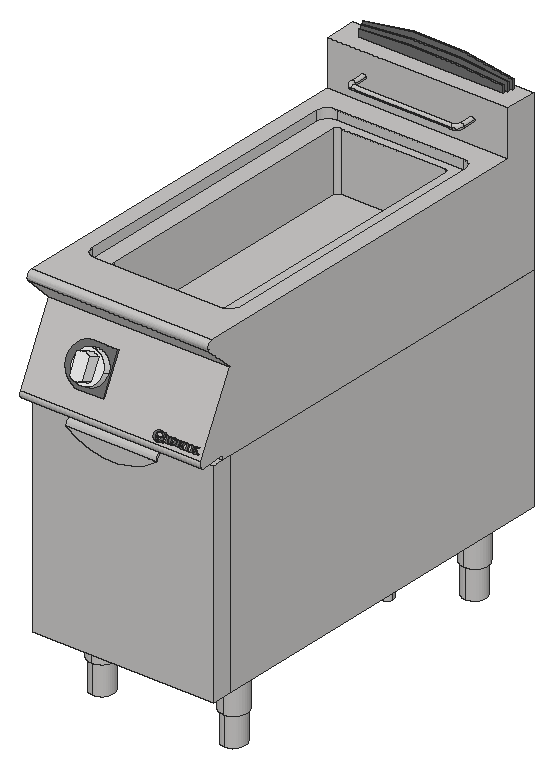
Revit family "QF_GIORIK_FE9121", category Specialty Equipment, Revit 2014
Parameters (values of type "FE9121")
  Weight in Pounds = 171.9604
  Watts = 20000 W
  Volts = 400 V
  URL Cutsheet = "www.giorik.com"
  URL = "www.giorik.com"
  Status [instance] = ""
  Specification by User [instance] = ""
  Specification by Manufacturer = ""
  Show Logo [instance] = yes
  Show Clearance [instance] = yes
  Serial Number = ""
  Seismic Rating = ""
  SMACNA No = ""
  Revision Code [instance] = ""
  Phase = 3
  Number of Poles [instance] = 3
  NAFEM Spec ID Number = ""
  Model = "FE9121"
  Min Ckt Ampacity = 0 A
  Max Overcurrent Protection = 0 A
  Masterspec = ""
  Manufacturer = "GIORIK"
  Item Number [instance] = ""
  Installed By [instance] = ""
  Identify Quantity as Lot [instance] = no
  HP = "26.820400000000"
  Furnished By [instance] = ""
  Foodservice Equipment Identifier [instance] = yes
  FL Amps = 0 A
  Electrical Remarks [instance] = ""
  Electric Connection Type [instance] = ""
  Elec Conn RI Height [instance] = 0 mm
  Elec Conn Connection Height [instance] = 150 mm
  Description = "21 LITRE ELECTRIC FRYER."
  Cycle = 50 Hz
  Conn Plug = ""
  CSI MasterFormat = ""
  Assembly Code = "E1090320"
  Apparent Power = 20000 VA
Reference planes
  plane 1 "Back": y = 0
  plane 2: z = 0
  plane 3 "Left": x = 0
  plane 4 "Right": x = 400
  plane 5 "Front": y = -920
  plane 6 "Top": z = 900
Forms (mm)
  Extrusion 1, solid, visible <- "Show Logo"
    sketch origin (196.604, -936.761, 609.486) x (-1, 0, 0) y (0, 0.452718, 0.891654)
      loop
        line (-118.824, 58.358) -> (-127.804, 58.358) -> (-125.523, 56.445) -> (-125.523, 48.027) -> (-127.804, 46.113) -> (-118.824, 46.113) -> (-121.105, 48.027) -> (-121.105, 56.445) -> (-118.824, 58.358)
      loop
        line (-163.721, 58.358) -> (-172.7, 58.358) -> (-170.42, 56.445) -> (-170.42, 48.027) -> (-172.7, 46.113) -> (-163.721, 46.113) -> (-166.001, 48.027) -> (-166.001, 56.445) -> (-163.721, 58.358)
      loop
        line (-174.332, 58.358) -> (-183.312, 58.358) -> (-181.031, 56.445) -> (-181.031, 52.435) -> (-186.419, 56.955) -> (-184.416, 58.358) -> (-191.268, 58.358) -> (-188.01, 56.839) -> (-185.455, 54.283) -> (-190.846, 47.858) -> (-193.396, 46.93) -> (-193.396, 46.113) -> (-184.416, 46.113) -> (-185.437, 47.571) -> (-182.443, 51.552) -> (-181.031, 50.894) -> (-181.031, 48.027) -> (-183.312, 46.113) -> (-174.332, 46.113) -> (-176.613, 48.027) -> (-176.613, 56.445) -> (-174.332, 58.358)
      loop
        line (-115.429, 62.063) -> (-115.429, 54.198)
        arc (-115.429, 54.198) -> (-111.618, 57.803) -> (-106.847, 59.986) r 16.039
        arc (-106.847, 59.986) -> (-103.314, 59.837) -> (-100.512, 57.68) r 5.851
        arc (-100.512, 57.68) -> (-98.815, 52.267) -> (-100.512, 46.853) r 9.479
        arc (-100.512, 46.853) -> (-102.406, 44.986) -> (-104.846, 43.93) r 7.236
        arc (-104.846, 43.93) -> (-107.728, 44.111) -> (-110.052, 45.825) r 5.11
        line (-110.052, 45.825) -> (-110.052, 52.001) -> (-116.141, 52.001) -> (-116.141, 45.503) -> (-117.893, 43.751) -> (-114.094, 44.769)
        arc (-114.094, 44.769) -> (-112.56, 44.947) -> (-111.129, 44.366) r 3.115
        arc (-111.129, 44.366) -> (-104.216, 42.091) -> (-97.303, 44.366) r 11.641
        arc (-97.303, 44.366) -> (-93.396, 52.107) -> (-97.303, 59.849) r 9.622
        arc (-97.303, 59.849) -> (-104.369, 62.174) -> (-111.435, 59.849) r 11.898
        line (-111.435, 59.849) -> (-115.429, 62.063)
      loop
        arc (-129.234, 56.068) -> (-135.893, 58.628) -> (-142.552, 56.068) r 9.941
        arc (-142.552, 56.068) -> (-144.234, 52.286) -> (-142.552, 48.505) r 5.093
        arc (-142.552, 48.505) -> (-135.893, 45.945) -> (-129.234, 48.505) r 9.941
        arc (-129.234, 48.505) -> (-127.552, 52.286) -> (-129.234, 56.068) r 5.093
      loop
        arc (-132.628, 54.403) -> (-135.893, 57.668) -> (-139.158, 54.403) r 3.265
        line (-139.158, 54.403) -> (-139.158, 50.169)
        arc (-139.158, 50.169) -> (-135.893, 46.904) -> (-132.628, 50.169) r 3.265
        line (-132.628, 50.169) -> (-132.628, 54.403)
      loop
        arc (-156.363, 58.365) -> (-159.647, 55.081) -> (-156.363, 51.796) r 3.285
        line (-156.363, 51.796) -> (-159.529, 47.306) -> (-162.087, 46.113) -> (-155.847, 46.113) -> (-153.529, 51.083) -> (-150.637, 51.083) -> (-150.637, 47.784) -> (-153.022, 46.113) -> (-144.011, 46.113) -> (-146.094, 47.68) -> (-146.094, 56.493) -> (-144.229, 58.365) -> (-156.363, 58.365)
      loop
        line (-150.637, 57.512) -> (-153.637, 57.512)
        arc (-153.637, 57.512) -> (-156.237, 54.912) -> (-153.637, 52.312) r 2.6
        line (-153.637, 52.312) -> (-150.637, 52.312) -> (-150.637, 57.512)
      loop
        line (-108.924, 52.001) -> (-104.936, 49.005) -> (-100.948, 52.001) -> (-108.924, 52.001)
    from 1.5 to -0.5
  Extrusion 2, solid
    sketch origin (-16, 1025.81, 0) x (1, 0, 0) y (0, 1, 0)
      loop
        line (25, -1086.81) -> (25, -1156.81) -> (115, -1156.81) -> (115, -1086.81) -> (25, -1086.81)
    from 148 to 150
  Extrusion 3, solid
    sketch origin (-14, 0, 130) x (1, 0, 0) y (0, 1, 0)
      loop
        circle (54, -385) r 12.5
    from 0 to 20
  Extrusion 4, solid
    sketch origin (0, 800, -20) x (0, 1, 0) y (0, 0, 1)
      loop
        line (-800, 989.988) -> (-870, 989.988) -> (-870, 889.988) -> (-1688.806, 889.988)
        arc (-1688.806, 889.988) -> (-1699.151, 883.075) -> (-1696.724, 870.873) r 11.197
        line (-1696.724, 870.873) -> (-1640.876, 815.025) -> (-1718.948, 661.258)
        arc (-1718.948, 661.258) -> (-1718.233, 650.105) -> (-1708.118, 645.354) r 10.981
        line (-1708.118, 645.354) -> (-1660, 649.925) -> (-1660, 640) -> (-800, 640) -> (-800, 989.988)
    from 0 to 400
  Extrusion 5, solid
    sketch origin (0, -200, 599.536) x (1, 0, 0) y (0, 1, 0)
      loop
        line (0, -640) -> (40, -640) -> (40, 160) -> (360, 160) -> (360, -640) -> (400, -640) -> (400, 200) -> (0, 200) -> (0, -640)
    from -449.536 to 20.464
  Extrusion 6, solid
    sketch origin (0, -200, 0) x (1, 0, 0) y (0, 1, 0)
      loop
        line (40, 160) -> (40, -640) -> (360, -640) -> (360, 160) -> (40, 160)
    from 150 to 190
  Extrusion 7, solid
    sketch origin (-16, 360.81, 0) x (1, 0, 0) y (0, 1, 0)
      loop
        line (25, -1086.81) -> (25, -1156.81) -> (115, -1156.81) -> (115, -1086.81) -> (25, -1086.81)
    from 148 to 150
  Revolve 8, solid
    sketch origin (54, 360.81, 0) x (0, 1, 0) y (0, 0, 1)
      loop
        line (-1092.56, 66) -> (-1092.56, 148) -> (-1121.81, 148) -> (-1121.81, 0) -> (-1096.81, 0) -> (-1096.81, 66) -> (-1092.56, 66)
      axis (-1121.81, 0) -> (-1121.81, 148)
    angle from 0 to 360
  Revolve 9, solid
    sketch origin (54, 1025.81, 0) x (0, 1, 0) y (0, 0, 1)
      loop
        line (-1092.56, 66) -> (-1092.56, 148) -> (-1121.81, 148) -> (-1121.81, 0) -> (-1096.81, 0) -> (-1096.81, 66) -> (-1092.56, 66)
      axis (-1121.81, 0) -> (-1121.81, 148)
    angle from 0 to 360
  Extrusion 10, solid
    sketch origin (416, 360.81, 0) x (-1, 0, 0) y (0, -1, 0)
      loop
        line (25, 1086.81) -> (115, 1086.81) -> (115, 1156.81) -> (25, 1156.81) -> (25, 1086.81)
    from 148 to 150
  Revolve 11, solid
    sketch origin (346, 360.81, 0) x (0, 1, 0) y (0, 0, -1)
      loop
        line (-1092.56, -66) -> (-1096.81, -66) -> (-1096.81, 0) -> (-1121.81, 0) -> (-1121.81, -148) -> (-1092.56, -148) -> (-1092.56, -66)
      axis (-1121.81, 0) -> (-1121.81, -148)
    angle from 0 to 360
  Extrusion 12, solid
    sketch origin (416, -1217.81, 0) x (-1, 0, 0) y (0, -1, 0)
      loop
        line (25, -1086.81) -> (25, -1156.81) -> (115, -1156.81) -> (115, -1086.81) -> (25, -1086.81)
    from 148 to 150
  Revolve 13, solid
    sketch origin (346, -1217.81, 0) x (0, -1, 0) y (0, 0, 1)
      loop
        line (-1092.56, 66) -> (-1092.56, 148) -> (-1121.81, 148) -> (-1121.81, 0) -> (-1096.81, 0) -> (-1096.81, 66) -> (-1092.56, 66)
      axis (-1121.81, 0) -> (-1121.81, 148)
    angle from 0 to 360
  Extrusion 14, solid
    sketch origin (-293.221, -1163.345, 52.363) x (1, 0, 0) y (0, 0.452718, 0.891654)
      loop
        line (463.221, 676.25) -> (463.221, 766.25) -> (409.698, 766.25)
        arc (409.698, 766.25) -> (364.698, 721.25) -> (409.698, 676.25) r 45
        line (409.698, 676.25) -> (463.221, 676.25)
    from 48 to 50
  Extrusion 15, solid
    sketch origin (481.331, -1208.697, 74.959) x (-1, 0, 0) y (0, -0.45351, -0.891251)
      loop
        circle (351.331, -721.346) r 35
    from 0 to 15
  Extrusion 16, solid
    sketch origin (481.331, -1208.697, 74.959) x (-1, 0, 0) y (0, -0.45351, -0.891251)
      loop
        arc (336.331, -743.846) -> (351.331, -748.846) -> (366.331, -743.846) r 25
        line (366.331, -743.846) -> (366.331, -698.846)
        arc (366.331, -698.846) -> (351.331, -693.846) -> (336.331, -698.846) r 25
        line (336.331, -698.846) -> (336.331, -743.846)
    from 15 to 40
  Extrusion 17, solid
    sketch origin (-94, 0, 59.999) x (1, 0, 0) y (0, 0, 1)
      loop
        line (135, 909.989) -> (453, 909.989) -> (453, 925.527) -> (347.056, 931.749) -> (240.944, 931.749) -> (135, 925.527) -> (135, 909.989)
    from 32 to 35
  Extrusion 18, solid
    sketch origin (-92, 10, 59.999) x (1, 0, 0) y (0, 0, 1)
      loop
        line (454, 909.989) -> (454, 928.527) -> (346.162, 939.193) -> (237.838, 939.193) -> (130, 928.527) -> (130, 909.989) -> (454, 909.989)
    from 32 to 35
  Extrusion 19, solid
    sketch origin (-90, 20, 59.999) x (1, 0, 0) y (0, 0, 1)
      loop
        line (455, 909.989) -> (455, 930.527) -> (345.396, 947.413) -> (234.604, 947.413) -> (125, 930.527) -> (125, 909.989) -> (455, 909.989)
    from 32 to 35
  Extrusion 20, void
    sketch origin (0, -200, 819.988) x (0, 1, 0) y (-1, 0, 0)
      loop
        arc (80, -60) -> (72.678, -42.322) -> (55, -35) r 25
        line (55, -35) -> (-565.002, -35)
        arc (-565.002, -35) -> (-582.68, -42.322) -> (-590.002, -60) r 25
        line (-590.002, -60) -> (-590.002, -340)
        arc (-590.002, -340) -> (-582.68, -357.678) -> (-565.002, -365) r 25
        line (-565.002, -365) -> (55, -365)
        arc (55, -365) -> (72.678, -357.678) -> (80, -340) r 25
        line (80, -340) -> (80, -60)
    from -100 to 50
  Extrusion 21, solid
    sketch origin (0, -200, 900) x (0, 1, 0) y (-1, 0, 0)
      loop
        arc (80, -60) -> (72.678, -42.322) -> (55, -35) r 25
        line (55, -35) -> (-565.002, -35)
        arc (-565.002, -35) -> (-582.68, -42.322) -> (-590.002, -60) r 25
        line (-590.002, -60) -> (-590.002, -340)
        arc (-590.002, -340) -> (-582.68, -357.678) -> (-565.002, -365) r 25
        line (-565.002, -365) -> (55, -365)
        arc (55, -365) -> (72.678, -357.678) -> (80, -340) r 25
        line (80, -340) -> (80, -60)
      loop
        arc (60, -85.011) -> (57.071, -77.94) -> (50, -75.011) r 10
        line (50, -75.011) -> (-555.002, -75.011)
        arc (-555.002, -75.011) -> (-562.073, -77.94) -> (-565.002, -85.011) r 10
        line (-565.002, -85.011) -> (-565.002, -315)
        arc (-565.002, -315) -> (-562.073, -322.071) -> (-555.002, -325) r 10
        line (-555.002, -325) -> (50, -325)
        arc (50, -325) -> (57.071, -322.071) -> (60, -315) r 10
        line (60, -315) -> (60, -85.011)
    from -180.012 to -50
  Extrusion 22, solid
    sketch origin (0, -925, 0) x (1, 0, 0) y (0, 0, 1)
      loop
        line (0, 620) -> (0, 150) -> (400, 150) -> (400, 620) -> (0, 620)
    from -85 to -40
  Extrusion 23, solid
    sketch origin (0, -925, -20.1) x (0, 1, 0) y (0, 0, 1)
      loop
        arc (25, 640.1) -> (14.393, 635.707) -> (10, 625.1) r 15
        line (10, 625.1) -> (12, 625.1)
        arc (12, 625.1) -> (15.808, 634.292) -> (25, 638.1) r 13
        line (25, 638.1) -> (40, 638.1) -> (40, 640.1) -> (25, 640.1)
    from 97.5 to 297.5
  Extrusion 24, solid
    sketch origin (0, -924.905, -20.1) x (1, 0, 0) y (0, 0, 1)
      loop
        arc (97.5, 625.1) -> (197.5, 590.089) -> (297.5, 625.1) r 160.316
        line (297.5, 625.1) -> (97.5, 625.1)
    from -11.905 to -9.905
  Extrusion 25, solid, visible <- "Show Clearance", detail levels coarse
    sketch origin (395, -925, 0) x (-1, 0, 0) y (0, -1, 0)
      loop
        line (-5, -40) -> (395, -40)
        arc (395, -40) -> (277.534, 241.069) -> (-5, 354.968) r 395
        line (-5, 354.968) -> (-5, -40)
    from 150 to 620
  Extrusion 26, solid
    sketch origin (0, 0, 100) x (0, 1, 0) y (-1, 0, 0)
      loop
        circle (-380, -380) r 12.5
    from 30 to 50
  Sweep 27, solid
    path origin (0, 0, 919.988) x (0, 1, 0) y (-1, 0, 0)
      loop
        line (-70, -80) -> (-100, -80)
        arc (-100, -80) -> (-107.071, -82.929) -> (-110, -90) r 10
        line (-110, -90) -> (-110, -310)
        arc (-110, -310) -> (-107.071, -317.071) -> (-100, -320) r 10
        line (-100, -320) -> (-70, -320)
    profile origin (80, -85, 919.988) x (1, 0, 0) y (0, 0, 1)
      loop
        circle (0, 0) r 5
Cuts and joins
  Extrusion 20 cuts Extrusion 4
Lines and regions (mm)
  symbolic lines, style "200-EquipBorder-2D"
    curve 1: line (0, -920, 0) -> (400, -920, 0)
    curve 2: line (400, -920, 0) -> (400, 0, 0)
    curve 3: line (400, 0, 0) -> (0, 0, 0)
    curve 4: line (0, 0, 0) -> (0, -920, 0)
  symbolic lines, style "200-EquipInternal-2D"
    curve 5: line (35, -12, 900) -> (365, -12, 900)
    curve 6: line (365, -12, 900) -> (365, -15, 900)
    curve 7: line (365, -15, 900) -> (35, -15, 900)
    curve 8: line (35, -15, 900) -> (35, -12, 900)
    curve 9: line (38, -22, 900) -> (362, -22, 900)
    curve 10: line (362, -22, 900) -> (362, -25, 900)
    curve 11: line (362, -25, 900) -> (38, -25, 900)
    curve 12: line (38, -25, 900) -> (38, -22, 900)
    curve 13: line (41, -32, 900) -> (359, -32, 900)
    curve 14: line (359, -32, 900) -> (359, -35, 900)
    curve 15: line (359, -35, 900) -> (41, -35, 900)
    curve 16: line (41, -35, 900) -> (41, -32, 900)
    curve 17: line (340, -120, 900) -> (60, -120, 900)
    curve 18: arc (60, -120, 900) -> (42.322, -127.322, 900) -> (35, -145, 900) r 25
    curve 19: line (35, -145, 900) -> (35, -765, 900)
    curve 20: arc (365, -145, 900) -> (357.678, -127.322, 900) -> (340, -120, 900) r 25
    curve 21: arc (340, -790, 900) -> (357.633, -782.723, 900) -> (365, -765.128, 900) r 25
    curve 22: line (60, -790, 900) -> (340, -790, 900)
    curve 23: arc (35, -765, 900) -> (42.322, -782.678, 900) -> (60, -790, 900) r 25
    curve 24: line (365, -765.128, 900) -> (365, -145, 900)
    curve 27: line (85, -140, 900) -> (315, -140, 900)
    curve 28: line (325, -150, 900) -> (325, -755.002, 900)
    curve 29: line (75, -755.002, 900) -> (75, -150, 900)
    curve 30: line (315, -765.002, 900) -> (85, -765.002, 900)
    curve 31: arc (85, -140, 900) -> (77.929, -142.929, 900) -> (75, -150, 900) r 10
    curve 32: arc (315, -140, 900) -> (322.071, -142.929, 900) -> (325, -150, 900) r 10
    curve 33: arc (75, -755.002, 900) -> (77.929, -762.073, 900) -> (85, -765.002, 900) r 10
    curve 34: arc (315, -765.002, 900) -> (322.071, -762.073, 900) -> (325, -755.002, 900) r 10
    curve 35: line (80, -70, 900) -> (80, -99.667, 900)
    curve 36: line (90, -100, 900) -> (90, -70, 900)
    curve 37: line (94.989, -104.989, 900) -> (315.27, -104.989, 900)
    curve 38: line (320.032, -100.227, 900) -> (320.032, -70, 900)
    curve 39: line (330.032, -70, 900) -> (330.032, -100.301, 900)
    curve 40: line (315.333, -115, 900) -> (95.333, -115, 900)
    curve 41: arc (95.333, -115, 900) -> (84.491, -110.509, 900) -> (80, -99.667, 900) r 15.333
    curve 42: arc (90, -100, 900) -> (91.461, -103.528, 900) -> (94.989, -104.989, 900) r 4.989
    curve 43: arc (315.333, -115, 900) -> (325.727, -110.695, 900) -> (330.032, -100.301, 900) r 14.699
    curve 44: arc (320.032, -100.227, 900) -> (318.637, -103.594, 900) -> (315.27, -104.989, 900) r 4.762
    curve 45: line (0, -70, 900) -> (400, -70, 900)
  symbolic lines, style "QF_Door-Drawer Clearances", visible <- "Show Clearance", detail levels coarse
    curve 25: arc (400, -1279.968, 0) -> (130.204, -1178.101, 0) -> (1.554, -920, 0) r 395
    curve 26: line (400, -920, 0) -> (400, -1279.968, 0)
Dimensions and locks
  plane 3 "Left" to plane 4 "Right" = 400 mm
  plane 5 "Front" to plane 1 "Back" = 920 mm
  plane 4 "Right" to plane 3 "Left" = 400 mm
  plane 1 "Back" to plane 5 "Front" = 920 mm
  plane 6 "Top" to level = 900 mm  (x2)
  aligned and locked: level to plane 2
Connectors
  electrical at (380, -380, 130), driven by "Apparent Power", driven by "Volts", driven by "Number of Poles"
    settings: on Extrusion 26, index 1, voltage 400 V, apparent load 0 VA, apparent load phase1 20000 VA, apparent load phase2 0 VA, apparent load phase3 0 VA, power factor 1, load classification "Other", number of poles 3, system type 31, power factor state 1, is connector primary yes, connector utility no, sub classification motor no, connector description "Electrical connection"
